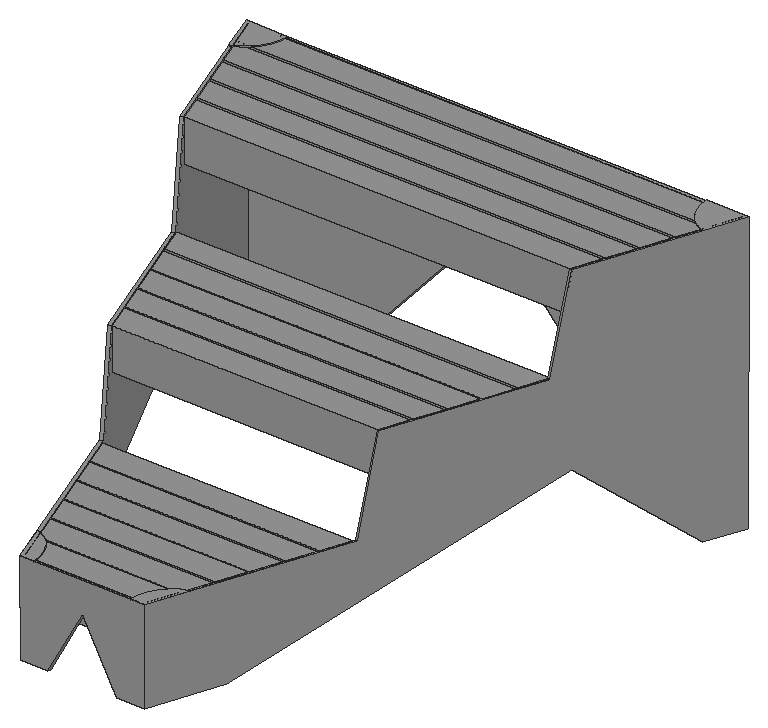
Revit family "Скамейка стальная «Лесенка 3-х ярусная» Арт 20901", category Антураж, Revit 2018
Family settings
  На основе рабочей плоскости = Нет
  Всегда вертикально = Да
  При загрузке вырезать с полостями = Нет
  Источник визуального образа = Геометрия семейства
  Общий = Нет
  Точка расчета площади = Нет
Parameters (values of type "Версия 1,86 м (лиственница)")
  Ширина = 1860 mm  # constant formula
  Цвет опор = Сталь
  Цвет лавки = Лиственница
  Описание = if([Версия 1,86 м (сосна)], "Скамейка стальная «Лесенка 3-х ярусная». Версия 1,86 м (сосна)", "Скамейка стальная «Лесенка 3-х ярусная». Версия 1,86 м (лиственница)")  # "Скамейка стальная «Лесенка 3-х ярусная». Версия 1,86 м (лиственница)"
  Материал изделия = "Сталь, дерево"  # constant formula
  Изображение типоразмера = Скамейка стальная «Лесенка 3-х ярусная» Арт 20901.jpg
  Изготовитель = "ООО «Хоббика»"  # constant formula
  Длина = 1800 mm  # constant formula
  Группа модели = "Скамейки"  # constant formula
  Высота = 1000 mm  # constant formula
  Версия 1,86 м (сосна) = no
  Версия 1,86 м (лиственница) = not([Версия 1,86 м (сосна)])  # yes
  Артикул товара = "Арт. 20901"  # constant formula
  URL = "https://hobbyka.ru/product/skameyka_lesenka_3kh_yarusnaya/"
Types (3, lengths in mm): name | Цвет лавки | Описание | Версия 1,86 м (сосна) | Версия 1,86 м (лиственница)
  (no name) | Лиственница | "Скамейка стальная «Лесенка 3-х ярусная». Версия 1,86 м (лиственница)" | no | yes
  Версия 1,86 м (сосна) | Сосна | "Скамейка стальная «Лесенка 3-х ярусная». Версия 1,86 м (сосна)" | yes | no
  Версия 1,86 м (лиственница) | Лиственница | "Скамейка стальная «Лесенка 3-х ярусная». Версия 1,86 м (лиственница)" | no | yes
Reference planes
  plane 1 "По центру (Вперед/Назад)": y = 0
  plane 2: z = 0
  plane 3 "По центру (Влево/Вправо)": x = 0
  plane 4: x = 1800
  plane 5: y = 1860
  plane 6: z = 1000
Forms (mm)
  Extrusion 1, solid, material "Сталь" <- "Цвет опор"
    sketch origin (636.157, 112.172, 0) x (-0.34202, 0.939693, 0) y (0, 0, 1)
      loop
        line (1856.36, 0) -> (1856.36, 1000) -> (1280, 1000) -> (1210, 666.667) -> (650, 666.667) -> (580, 333.333) -> (-119.371, 333.333) -> (-119.371, 0) -> (150, 0) -> (1280, 358.333) -> (1710, 0) -> (1856.36, 0)
    from 0 to 10
  Extrusion 2, solid, material "Сталь" <- "Цвет опор"
    sketch origin (1163.843, 112.172, 0) x (0.34202, 0.939693, 0) y (0, 0, -1)
      loop
        line (1856.36, 0) -> (1710, 0) -> (1280, -358.333) -> (150, 0) -> (-119.371, 0) -> (-119.371, -333.333) -> (580, -333.333) -> (650, -666.667) -> (1210, -666.667) -> (1280, -1000) -> (1856.36, -1000) -> (1856.36, 0)
    from 0 to 10
  Extrusion 3, solid, material "Сталь" <- "Цвет опор"
    sketch origin (0, 0, 0) x (1, 0, 0) y (0, 1, 0)
      loop
        line (0, 1860) -> (3.64, 1850) -> (1796.36, 1850) -> (1800, 1860) -> (0, 1860)
    from 0 to 1000
  Extrusion 4, solid, material "Сталь" <- "Цвет опор"
    sketch origin (0, 0, 0) x (1, 0, 0) y (0, 1, 0)
      loop
        line (150, 1860) -> (0, 1860) -> (51.303, 1719.046)
        arc (51.303, 1719.046) -> (122.873, 1773.964) -> (150, 1860) r 150
      loop
        arc (1650, 1860) -> (1677.127, 1773.964) -> (1748.697, 1719.046) r 150
        line (1748.697, 1719.046) -> (1800, 1860) -> (1650, 1860)
    from 1000 to 1002
  Extrusion 5, solid, material "Сталь" <- "Цвет опор"
    sketch origin (0, 0, 0) x (1, 0, 0) y (0, 1, 0)
      loop
        line (1123.015, 0) -> (1126.655, 10) -> (673.345, 10) -> (676.985, 0) -> (1123.015, 0)
    from 0 to 333.333
  Extrusion 6, void
    sketch origin (0, 0, 0) x (1, 0, 0) y (0, 0, 1)
      loop
        line (776.985, 0) -> (1023.015, 0) -> (900, 222.222) -> (776.985, 0)
    from 0 to -10
  Extrusion 7, void
    sketch origin (0, 0, 0) x (1, 0, 0) y (0, 0, 1)
      loop
        line (300, 0) -> (1500, 0) -> (900, 666.667) -> (300, 0)
    from -1850 to -1860
  Extrusion 8, solid, material "Сталь" <- "Цвет опор"
    sketch origin (0, 0, 0) x (1, 0, 0) y (0, 1, 0)
      loop
        line (676.985, 0) -> (726.985, 0)
        arc (726.985, 0) -> (698.942, 87.33) -> (625.299, 142.006) r 150
        line (625.299, 142.006) -> (676.985, 0)
      loop
        line (1123.015, 0) -> (1174.701, 142.006)
        arc (1174.701, 142.006) -> (1101.058, 87.33) -> (1073.015, 0) r 150
        line (1073.015, 0) -> (1123.015, 0)
    from 333.3 to 335.3
  Extrusion 9, solid, material "Лиственница" <- "Цвет лавки"
    sketch origin (0, 0, 0) x (1, 0, 0) y (0, 1, 0)
      loop
        line (207.769, 1318.398) -> (1592.231, 1318.398) -> (1628.628, 1418.398) -> (171.372, 1418.398) -> (207.769, 1318.398)
      loop
        line (1667.901, 1526.299) -> (132.099, 1526.299) -> (168.496, 1426.299) -> (1631.504, 1426.299) -> (1667.901, 1526.299)
      loop
        line (1707.173, 1634.199) -> (92.827, 1634.199) -> (129.224, 1534.199) -> (1670.776, 1534.199) -> (1707.173, 1634.199)
      loop
        line (89.951, 1642.1) -> (1710.049, 1642.1) -> (1746.446, 1742.1) -> (53.554, 1742.1) -> (89.951, 1642.1)
      loop
        line (50.679, 1750) -> (1749.321, 1750) -> (1785.719, 1850) -> (14.281, 1850) -> (50.679, 1750)
    from 850 to 1000
  Extrusion 10, solid, material "Лиственница" <- "Цвет лавки"
    sketch origin (0, -592.006, 0) x (1, 0, 0) y (0, 1, 0)
      loop
        line (423.241, 1318.398) -> (1376.759, 1318.398) -> (1413.156, 1418.398) -> (386.844, 1418.398) -> (423.241, 1318.398)
      loop
        line (1452.428, 1526.299) -> (347.572, 1526.299) -> (383.969, 1426.299) -> (1416.031, 1426.299) -> (1452.428, 1526.299)
      loop
        line (1491.701, 1634.199) -> (308.299, 1634.199) -> (344.696, 1534.199) -> (1455.304, 1534.199) -> (1491.701, 1634.199)
      loop
        line (305.424, 1642.1) -> (1494.576, 1642.1) -> (1530.973, 1742.1) -> (269.027, 1742.1) -> (305.424, 1642.1)
      loop
        line (266.151, 1750) -> (1533.849, 1750) -> (1570.246, 1850) -> (229.754, 1850) -> (266.151, 1750)
    from 516.7 to 666.667
  Extrusion 11, solid, material "Лиственница" <- "Цвет лавки"
    sketch origin (0, -1308.398, 0) x (1, 0, 0) y (0, 1, 0)
      loop
        line (683.987, 1318.398) -> (1116.013, 1318.398) -> (1152.41, 1418.398) -> (647.59, 1418.398) -> (683.987, 1318.398)
      loop
        line (1191.683, 1526.299) -> (608.317, 1526.299) -> (644.714, 1426.299) -> (1155.286, 1426.299) -> (1191.683, 1526.299)
      loop
        line (1230.955, 1634.199) -> (569.045, 1634.199) -> (605.442, 1534.199) -> (1194.558, 1534.199) -> (1230.955, 1634.199)
      loop
        line (566.169, 1642.1) -> (1233.831, 1642.1) -> (1270.228, 1742.1) -> (529.772, 1742.1) -> (566.169, 1642.1)
      loop
        line (526.897, 1750) -> (1273.103, 1750) -> (1309.5, 1850) -> (490.5, 1850) -> (526.897, 1750)
      loop
        line (487.624, 1857.9) -> (1312.376, 1857.9) -> (1348.773, 1957.9) -> (451.227, 1957.9) -> (487.624, 1857.9)
    from 183.3 to 333.333
Cuts and joins
  Extrusion 6, Extrusion 7 cuts Extrusion 1
  Extrusion 6, Extrusion 7 cuts Extrusion 2
  Extrusion 6, Extrusion 7 cuts Extrusion 3
  Extrusion 6, Extrusion 7 cuts Extrusion 4
  Extrusion 6, Extrusion 7 cuts Extrusion 5
  joined: Extrusion 1, Extrusion 2, Extrusion 3, Extrusion 4, Extrusion 5
Dimensions and locks
  "Длина": plane 3 "По центру (Влево/Вправо)" to plane 4
  "Ширина": plane 5 to plane 1 "По центру (Вперед/Назад)"
  "Высота": plane 6 to plane 2
  aligned and locked: level to plane 2
Automatic sketch dimensions
  level to Extrusion 1 sketch curve = 0 mm  (x2)
  plane 6 to Extrusion 1 sketch curve = 0 mm
  Extrusion 1 sketch curve to Extrusion 1 sketch curve = 269.371 mm
  Extrusion 1 sketch curve to Extrusion 1 sketch curve = 430 mm  (x2)
  Extrusion 1 sketch curve to plane 6 = 333.333 mm
  Extrusion 1 sketch curve to Extrusion 1 sketch curve = 70 mm  (x3)
  Extrusion 1 sketch curve to Extrusion 1 sketch curve = 560 mm
  level to Extrusion 1 sketch curve = 358.333 mm
  Extrusion 1 sketch curve to Extrusion 1 sketch curve = 576.36 mm
  level to Extrusion 1 sketch curve = 333.333 mm
  level to Extrusion 2 sketch curve = 0 mm  (x2)
  plane 6 to Extrusion 2 sketch curve = 0 mm
  Extrusion 2 sketch curve to Extrusion 2 sketch curve = 269.371 mm
  Extrusion 2 sketch curve to Extrusion 2 sketch curve = 430 mm  (x2)
  Extrusion 2 sketch curve to plane 6 = 333.333 mm
  Extrusion 2 sketch curve to Extrusion 2 sketch curve = 70 mm  (x3)
  Extrusion 2 sketch curve to Extrusion 2 sketch curve = 560 mm
  level to Extrusion 2 sketch curve = 358.333 mm
  Extrusion 2 sketch curve to Extrusion 2 sketch curve = 576.36 mm
  level to Extrusion 2 sketch curve = 333.333 mm
  Extrusion 3 sketch curve to plane 3 "По центру (Влево/Вправо)" = 0 mm
  Extrusion 3 sketch curve to plane 4 = 0 mm
  Extrusion 3 sketch curve to plane 5 = 0 mm
  plane 3 "По центру (Влево/Вправо)" to Extrusion 3 sketch curve = 3.64 mm
  Extrusion 3 sketch curve to plane 4 = 3.64 mm
  Extrusion 3 sketch curve to plane 5 = 10 mm
  Extrusion 4 sketch curve to plane 3 "По центру (Влево/Вправо)" = 0 mm  (x2)
  Extrusion 4 sketch curve to plane 5 = 0 mm  (x2)
  Extrusion 4 sketch curve to plane 4 = 0 mm  (x2)
  plane 3 "По центру (Влево/Вправо)" to Extrusion 4 sketch curve = 51.303 mm
  plane 3 "По центру (Влево/Вправо)" to Extrusion 4 sketch curve = 150 mm
  Extrusion 4 sketch curve to Extrusion 4 sketch curve = 150 mm
  Extrusion 4 sketch curve to plane 4 = 51.303 mm
  plane 1 "По центру (Вперед/Назад)" to Extrusion 5 sketch curve = 0 mm
  Extrusion 5 sketch curve to plane 1 "По центру (Вперед/Назад)" = 10 mm
  plane 3 "По центру (Влево/Вправо)" to Extrusion 5 sketch curve = 673.345 mm
  Extrusion 5 sketch curve to Extrusion 5 sketch curve = 3.64 mm  (x2)
  Extrusion 5 sketch curve to Extrusion 5 sketch curve = 446.031 mm
  Extrusion 6 sketch curve to level = 0 mm
  plane 3 "По центру (Влево/Вправо)" to Extrusion 6 sketch curve = 776.985 mm
  level to Extrusion 6 sketch curve = 222.222 mm
  Extrusion 6 sketch curve to Extrusion 6 sketch curve = 123.015 mm
  Extrusion 6 sketch curve to Extrusion 6 sketch curve = 246.031 mm
  Extrusion 7 sketch curve to level = 0 mm
  plane 3 "По центру (Влево/Вправо)" to Extrusion 7 sketch curve = 300 mm
  Extrusion 7 sketch curve to plane 6 = 333.333 mm
  Extrusion 7 sketch curve to Extrusion 7 sketch curve = 600 mm
  Extrusion 7 sketch curve to plane 4 = 300 mm
  plane 1 "По центру (Вперед/Назад)" to Extrusion 8 sketch curve = 0 mm  (x2)
  plane 3 "По центру (Влево/Вправо)" to Extrusion 8 sketch curve = 576.985 mm
  Extrusion 8 sketch curve to plane 1 "По центру (Вперед/Назад)" = 142.006 mm  (x2)
  Extrusion 8 sketch curve to Extrusion 8 sketch curve = 48.314 mm
  Extrusion 8 sketch curve to Extrusion 8 sketch curve = 50 mm  (x2)
  Extrusion 8 sketch curve to Extrusion 8 sketch curve = 346.031 mm
  Extrusion 8 sketch curve to Extrusion 8 sketch curve = 51.686 mm
  plane 3 "По центру (Влево/Вправо)" to Extrusion 9 sketch curve = 14.281 mm
  plane 3 "По центру (Влево/Вправо)" to Extrusion 9 sketch curve = 50.679 mm
  Extrusion 9 sketch curve to Extrusion 9 sketch curve = 2.876 mm  (x8)
  plane 3 "По центру (Влево/Вправо)" to Extrusion 9 sketch curve = 89.951 mm
  Extrusion 9 sketch curve to Extrusion 9 sketch curve = 36.397 mm  (x5)
  Extrusion 9 sketch curve to plane 4 = 207.769 mm
  Extrusion 9 sketch curve to plane 4 = 92.827 mm
  Extrusion 9 sketch curve to plane 4 = 53.554 mm
  Extrusion 9 sketch curve to plane 4 = 14.281 mm
  Extrusion 9 sketch curve to plane 5 = 541.602 mm
  Extrusion 9 sketch curve to Extrusion 9 sketch curve = 100 mm  (x4)
  Extrusion 9 sketch curve to Extrusion 9 sketch curve = 7.9 mm  (x4)
  Extrusion 9 sketch curve to plane 5 = 10 mm
  plane 3 "По центру (Влево/Вправо)" to Extrusion 10 sketch curve = 229.754 mm
  plane 3 "По центру (Влево/Вправо)" to Extrusion 10 sketch curve = 266.151 mm
  Extrusion 10 sketch curve to Extrusion 10 sketch curve = 2.876 mm  (x8)
  plane 3 "По центру (Влево/Вправо)" to Extrusion 10 sketch curve = 305.424 mm
  Extrusion 10 sketch curve to Extrusion 10 sketch curve = 36.397 mm  (x5)
  Extrusion 10 sketch curve to plane 4 = 423.241 mm
  Extrusion 10 sketch curve to plane 4 = 308.299 mm
  Extrusion 10 sketch curve to plane 4 = 269.027 mm
  Extrusion 10 sketch curve to plane 4 = 229.754 mm
  Extrusion 10 sketch curve to plane 1 "По центру (Вперед/Назад)" = 726.392 mm
  Extrusion 10 sketch curve to Extrusion 10 sketch curve = 100 mm  (x5)
  Extrusion 10 sketch curve to Extrusion 10 sketch curve = 7.9 mm  (x4)
  plane 3 "По центру (Влево/Вправо)" to Extrusion 11 sketch curve = 451.227 mm
  plane 3 "По центру (Влево/Вправо)" to Extrusion 11 sketch curve = 490.5 mm
  Extrusion 11 sketch curve to Extrusion 11 sketch curve = 2.876 mm  (x9)
  plane 3 "По центру (Влево/Вправо)" to Extrusion 11 sketch curve = 526.897 mm
  plane 3 "По центру (Влево/Вправо)" to Extrusion 11 sketch curve = 566.169 mm
  Extrusion 11 sketch curve to Extrusion 11 sketch curve = 36.397 mm  (x5)
  Extrusion 11 sketch curve to plane 1 "По центру (Вперед/Назад)" = 10 mm
  Extrusion 11 sketch curve to plane 4 = 683.987 mm
  Extrusion 11 sketch curve to plane 4 = 569.045 mm
  Extrusion 11 sketch curve to plane 4 = 529.772 mm
  Extrusion 11 sketch curve to plane 4 = 487.624 mm
  Extrusion 11 sketch curve to plane 4 = 451.227 mm
  Extrusion 11 sketch curve to plane 4 = 490.5 mm
  Extrusion 11 sketch curve to Extrusion 11 sketch curve = 100 mm  (x6)
  Extrusion 11 sketch curve to Extrusion 11 sketch curve = 7.9 mm  (x5)
